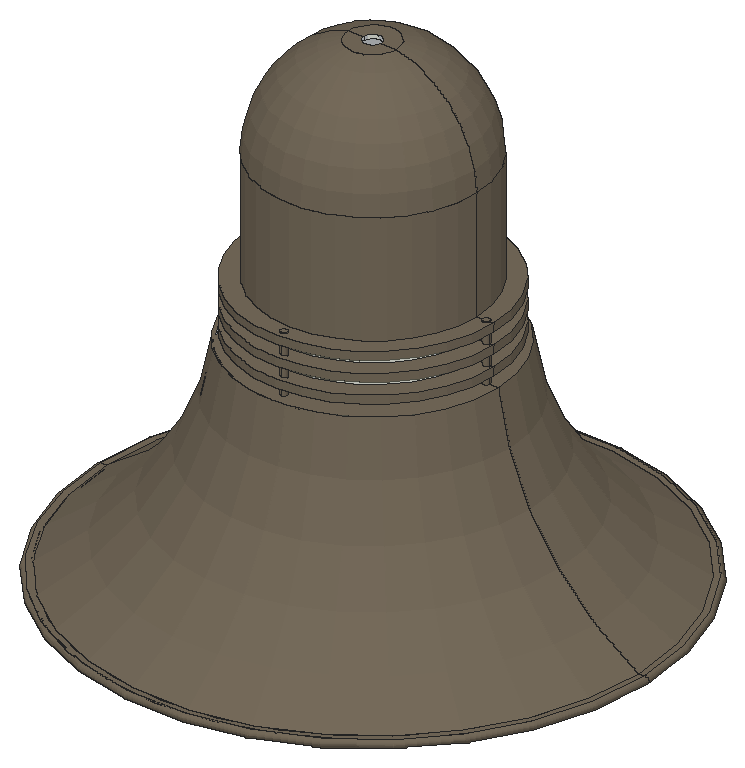
Revit family "DCR16 SHADE", category Lighting Fixtures, Revit 2024
Family settings
  Round Connector Dimension = Use Diameter
  Part Type = Normal
  OmniClass Number = 23.80.70.00
  OmniClass Title = Lighting
  Work Plane-Based = No
  Always vertical = Yes
  Cut with Voids When Loaded = No
  Light Source = Yes
  Maintain Annotation Orientation = No
  Shared = No
  Room Calculation Point = No
Parameters
  Wattage = 12.1178 W
  built-in parameter 1150110 = 1 (stored number, unit not read)
  built-in parameter 1114217 = 1 (stored number, unit not read)
  built-in parameter 1150109 = 1 (stored number, unit not read)
  built-in parameter 1150134 = (empty or 0)
  built-in parameter 1150113 = 1 (stored number, unit not read)
  Lumens = 1800 lm
  built-in parameter 1150115 = 1 (stored number, unit not read)
  built-in parameter 1150105 = 572.96 (stored number, unit not read)
  Light Source Symbol Size = 2' - 0"
  built-in parameter 1150137 = (empty or 0)
  built-in parameter 1150139 = (empty or 0)
  built-in parameter 1150112 = 1 (stored number, unit not read)
  built-in parameter 1150114 = 1 (stored number, unit not read)
  built-in parameter 1150132 = 2
  built-in parameter 1150102 = (empty or 0)
  built-in parameter 1150138 = (empty or 0)
  built-in parameter 1150107 = 3000 (stored number, unit not read)
  built-in parameter 1150106 = 5.7296 (stored number, unit not read)
  built-in parameter 1150104 = 13.8 (stored number, unit not read)
  Dimming Lamp Color Temperature Shift = (empty or 0)
  Default Elevation = 0' - 0"
  Color Filter = 16777215
  built-in parameter 1114218 = 1 (stored number, unit not read)
  built-in parameter 1150133 = 10 (stored number, unit not read)
Reference planes (in)
  plane 1 "Light Source Axis (F/B)": y = 0
  plane 2: z = 0
  plane 3 "Light Source Axis (L/R)": x = 0
  plane 4 "Light Source Elevation": z = 84
Forms (in)
  Revolve 1, solid
    sketch origin (0, 0, 0) x (1, 0, 0) y (0, 0, 1)
      loop
        line (-0.28207, 97.91897) -> (-0.72457, 97.91897)
        arc (-0.72457, 97.91897) -> (-2.38524, 96.86056) -> (-3.03167, 95.0004) r 2.9996
        line (-3.03167, 95.0004) -> (-3.03167, 91.81257) -> (-3.53167, 91.81257) -> (-3.53167, 91.58013) -> (-3.43792, 91.58013) -> (-3.43792, 91.71882) -> (-2.93792, 91.71882) -> (-2.93792, 95.0004)
        arc (-2.93792, 95.0004) -> (-2.31506, 96.79815) -> (-0.71351, 97.82522) r 2.90585
        line (-0.71351, 97.82522) -> (-0.28207, 97.82522) -> (-0.28207, 97.91897)
      loop
        line (-3.03167, 91.24438) -> (-3.53167, 91.24438) -> (-3.53167, 91.01194) -> (-3.43792, 91.01194) -> (-3.43792, 91.15063) -> (-3.03167, 91.15063) -> (-3.03167, 91.24438)
      loop
        line (-3.03167, 90.67619) -> (-3.53167, 90.67619) -> (-3.53167, 90.44374) -> (-3.43792, 90.44374) -> (-3.43792, 90.58244) -> (-3.03167, 90.58244) -> (-3.03167, 90.67619)
      loop
        line (-3.03167, 90.19533) -> (-3.67772, 90.19533)
        arc (-3.67772, 90.19533) -> (-4.95595, 86.70226) -> (-7.71747, 84.21039) r 7.73114
        line (-7.71747, 84.21039) -> (-7.8945, 84.21039)
        arc (-7.8945, 84.21039) -> (-7.96889, 84.03081) -> (-7.78931, 84.1052) r 0.1052
        line (-7.78931, 84.1052) -> (-7.71568, 84.1052)
        arc (-7.71568, 84.1052) -> (-4.91547, 86.59517) -> (-3.59403, 90.10158) r 7.82489
        line (-3.59403, 90.10158) -> (-3.03167, 90.10158) -> (-3.03167, 90.19533)
      loop
        line (-2.03207, 91.58013) -> (-2.03207, 84.03233)
        arc (-2.03207, 84.03233) -> (-1.44799, 82.60662) -> (-0.03151, 82.0005) r 2.03207
        line (-0.03151, 82.0005) -> (-0.03151, 82.09426)
        arc (-0.03151, 82.09426) -> (-1.38169, 82.67291) -> (-1.93832, 84.03233) r 1.93832
        line (-1.93832, 84.03233) -> (-1.93832, 91.58013) -> (-2.03207, 91.58013)
      axis (-0.03151, 97.91897) -> (-0.03151, 82.0005)
    angle from 0 to 360
  Sweep 2, solid
    path origin (0, 0, 0) x (1, 0, 0) y (0, 0, 1)
      loop
        line (-3.25, 91.81257) -> (-3.25, 90.19533)
    profile origin (-3.25, 0, 91.00395) x (0, -1, 0) y (1, 0, 0)
      loop
        circle (0, 0) r 0.09375
  Sweep 3, solid
    path origin (0, 0, 0) x (0, -1, 0) y (0, 0, 1)
      loop
        line (-3.25, 91.81257) -> (-3.25, 90.19533)
    profile origin (0, 3.25, 91.00395) x (-1, 0, 0) y (0, -1, 0)
      loop
        circle (0, 0) r 0.09375
  Sweep 4, solid
    path origin (0, 0, 0) x (0, 1, 0) y (0, 0, 1)
      loop
        line (-3.25, 91.81257) -> (-3.25, 90.19533)
    profile origin (0, -3.25, 91.00395) x (1, 0, 0) y (0, 1, 0)
      loop
        circle (0, 0) r 0.09375
  Sweep 5, solid
    path origin (0, 0, 0) x (-1, 0, 0) y (0, 0, 1)
      loop
        line (-3.25, 91.81257) -> (-3.25, 90.19533)
    profile origin (3.25, 0, 91.00395) x (0, 1, 0) y (-1, 0, 0)
      loop
        circle (0, 0) r 0.09375
Dimensions and locks (in)
  aligned and locked: plane 3 "Light Source Axis (L/R)" to imposter light
  aligned and locked: plane 1 "Light Source Axis (F/B)" to imposter light
  aligned and locked: plane 4 "Light Source Elevation" to imposter light
  aligned and locked: level to plane 2
